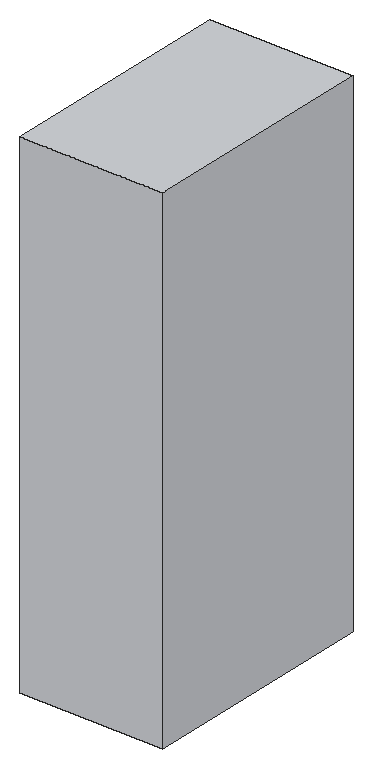
Revit family "SB14_RTU機櫃_600x1000x2100", category 電氣設備, Revit 2025
Family settings
  面板規劃 = 兩欄，回路穿越
  圓形接點標註 = 使用直徑
  組件類型 = 分電盤
  OmniClass 編號 = 23.80.30.11.17
  OmniClass 標題 = Distribution Boards and Control Panels
  以工作平面為基礎 = 否
  總是垂直 = 是
  載入時使用空心切割 = 否
  維持標註方位 = 否
  共用 = 否
  房間計算點 = 否
Parameters (values of type "RTU 與網路機櫃")
  built-in parameter 1155100 [instance] = -1
  Default Elevation = 0 mm
  built-in parameter 1140142 [instance] = -1
  SCADA_高mm [instance] = "2100"
  SCADA_附錄F項次 [instance] = "17"
  SCADA_附錄D項次 [instance] = "8"
  SCADA_編號 [instance] = "SB14-COMS-RTU-01"
  SCADA_站點 [instance] = "SB14"
  SCADA_深mm [instance] = "1000"
  SCADA_機櫃類型 [instance] = "RTU 與網路機櫃"
  SCADA_期別 [instance] = "第一期"
  SCADA_房間 [instance] = "COMS/SCADA 設備室"
  SCADA_建物 [instance] = "車站"
  SCADA_尺寸 [instance] = "600W×1000D×2100H"
  SCADA_寬mm [instance] = "600"
  SCADA_定位來源 [instance] = "獨立設備族群（載入專案後定位）"
  SCADA_備註 [instance] = ""
  SCADA_來源文件 [instance] = "Installation SoW_V6（Rev.006, 2026-07-02）附錄 D / F；依原文顏色標示排除已刪除項目"
  SCADA_UPS電源110V [instance] = "雙 UPS 電源（2×4500VA）"
  built-in parameter 1140140 [instance] = 1 (stored number, unit not read)
Reference planes
  plane 1 "中心 (前/後)": y = 0
  plane 2: z = 0
  plane 3 "中心 (左/右)": x = 0
Forms (mm)
  Extrusion 1, solid
    sketch origin (0, 0, 0) x (1, 0, 0) y (0, 1, 0)
      loop
        line (-300, -500) -> (300, -500) -> (300, 500) -> (-300, 500) -> (-300, -500)
    from 0 to 2100
Lines and regions (mm)
  symbolic lines, style "開門線"
    curve 1: line (300, -500, 0) -> (300, -1100, 0)
    curve 2: arc (-300, -500, 0) -> (-124.264, -924.264, 0) -> (300, -1100, 0) r 600
    curve 3: line (-300, 500, 0) -> (-300, 1100, 0)
    curve 4: arc (300, 500, 0) -> (124.264, 924.264, 0) -> (-300, 1100, 0) r 600
Dimensions and locks
  aligned and locked: level to plane 2
